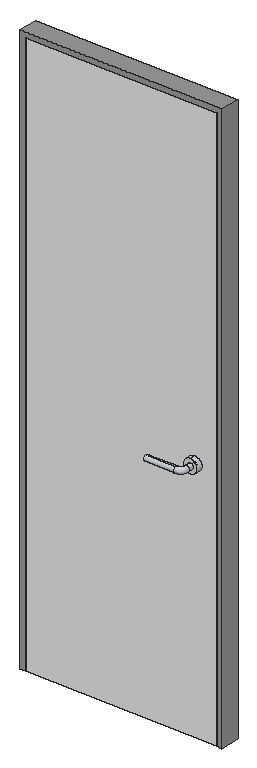
Revit family "- BordeRio", category Doors, host Wall, Revit 2018
Family settings
  Host = Wall
  OmniClass Number = 23.30.10.00
  OmniClass Title = Doors
  Always vertical = Yes
  Cut with Voids When Loaded = No
  Shared = No
  Room Calculation Point = No
Parameters (values of type "- 70 x 210 cm")
  Set de Marcos = ""
  Relleno = ""
  Material Marco = - Perfil Aluminio
  Material Hoja = - HDF Prefinish
  Manilla = - Manilla
  Hojas = "Simple de Abatir"
  Function = Interior
  Frame Projection Ext. = 2.50 cm
  Frame Projection Int. = 2.50 cm
  Frame Width = 7.50 cm
  Height = 210.00 cm
  Wall Closure = By host
  Width = 74.00 cm
  Distancia a Cara Interior = 6.00 cm
  Bisagras = ""
  Ancho Hoja = Width - 4.00 cm  # 70.00 cm
  Ancho = Width  # 74.00 cm
  Analytic Construction = "<None>"
  Alto = Height  # 210.00 cm
Types (12, lengths in cm): name | Material Hoja | Height | Width | Ancho Hoja | Ancho | Alto
  - 70 x 200 cm | none | 200.00 | 74.00 | 70.00 | 74.00 | 200.00
  - 75 x 200 cm | none | 200.00 | 79.00 | 75.00 | 79.00 | 200.00
  - 80 x 200 cm | none | 200.00 | 84.00 | 80.00 | 84.00 | 200.00
  - 85 x 200 cm | none | 200.00 | 89.00 | 85.00 | 89.00 | 200.00
  - 90 x 200 cm | none | 200.00 | 94.00 | 90.00 | 94.00 | 200.00
  -100 x 200 cm | none | 200.00 | 104.00 | 100.00 | 104.00 | 200.00
  - 70 x 210 cm | - HDF Prefinish | 210.00 | 74.00 | 70.00 | 74.00 | 210.00
  - 75 x 210 cm | none | 210.00 | 79.00 | 75.00 | 79.00 | 210.00
  - 80 x 210 cm | none | 210.00 | 84.00 | 80.00 | 84.00 | 210.00
  - 85 x 210 cm | none | 210.00 | 89.00 | 85.00 | 89.00 | 210.00
  - 90 x 210 cm | - HDF Prefinish | 210.00 | 94.00 | 90.00 | 94.00 | 210.00
  - 100 x 210 cm | - HDF Siena | 210.00 | 104.00 | 100.00 | 104.00 | 210.00
Reference planes (cm)
  plane 1: y = 0
  plane 2 "Center (Left/Right)": x = 0
  plane 3 "Left": x = -37
  plane 4 "Right": x = 37
  plane 5: z = 210
  plane 6 "Exterior": y = 7.5
  plane 7 "Interior": y = -7.5
  plane 8: y = -1.5
  plane 9: z = 208
  plane 10: x = -35
  plane 11: x = 35
Forms (cm)
  Sweep 1, solid, material "- Perfil Aluminio" <- "Material Marco"
    path origin (0, 7.5, 0) x (1, 0, 0) y (0, 0, 1)
      loop
        line (37, 0) -> (37, 210) -> (-37, 210) -> (-37, 0)
    profile origin (37, 7.5, 105) x (-1, 0, 0) y (0, -1, 0)
      loop
        line (0, 2) -> (3, 2) -> (3, 4.3) -> (2, 4.3) -> (2, 9) -> (0, 9) -> (0, 2)
  Extrusion 2, solid, material "- HDF Prefinish" <- "Material Hoja"
    sketch origin (0, 0, 0) x (1, 0, 0) y (0, 1, 0)
      loop
        line (-35, -1.5) -> (35, -1.5) -> (35, 3) -> (-35, 3) -> (-35, -1.5)
    from 0 to 208
  Sweep 3, solid, material "- Manilla" <- "Manilla", not visible
    path origin (5.8483, -7.5601, 0) x (1, 0, 0) y (0, 1, 0)
      loop
        line (22.1517, 15.0613) -> (32.1517, 15.0613)
        arc (32.1517, 15.0613) -> (33.5659, 14.4756) -> (34.1517, 13.0613) r 2
        line (34.1517, 13.0613) -> (34.1517, 11.0613)
    profile origin (33, 7.5012, 0) x (0, 1, 0) y (0, 0, 1)
      loop
        circle (0, 90) r 1
  Extrusion 4, solid, material "- Manilla" <- "Manilla", not visible
    sketch origin (0, 7.5, 0) x (1, 0, 0) y (0, 0, 1)
      loop
        circle (40, 90) r 2.5
    from 3.9988 to 5
Lines and regions (cm)
  Opening 1
    outline origin (-305, -7.5, 0) x (1, 0, 0) y (0, 0, 1)
      loop
        line (268, 0) -> (342, 0) -> (342, 210) -> (268, 210) -> (268, 0)
  symbolic lines, style "Elevation Swing"
    curve 1: line (37, -7.5, 105) -> (-37, -7.5, 210)
    curve 2: line (37, -7.5, 105) -> (-37, -7.5, 0)
    curve 7: arc (-30.5, -71.5, 0) -> (16.4246, -49.6941, 0) -> (35.2596, -1.5001, 0) r 69.4706
  symbolic lines
    curve 3: line (-35, -1.5, 0) -> (-35, -71.5, 0)
    curve 4: line (-30.5, -1.5, 0) -> (-35, -1.5, 0)
    curve 5: line (-30.5, -71.5, 0) -> (-30.5, -1.5, 0)
    curve 6: line (-35, -71.5, 0) -> (-30.5, -71.5, 0)
  model lines, not visible
    curve 8: line (-20, 3, 25) -> (20, 3, 25)
    curve 9: line (-20, 3, 65) -> (-20, 3, 25)
    curve 10: line (20, 3, 65) -> (8.6603, 3, 65)
    curve 11: line (20, 3, 25) -> (20, 3, 65)
    curve 12: line (-20, 3, 75) -> (-8.6603, 3, 75)
    curve 13: line (-20, 3, 75) -> (-20, 3, 169.9666)
    curve 14: line (20, 3, 75) -> (20, 3, 169.9666)
    curve 15: arc (-8.6603, 3, 65) -> (0, 3, 60) -> (8.6603, 3, 65) r 10
    curve 16: line (8.6603, 3, 75) -> (20, 3, 75)
    curve 17: line (-8.6603, 3, 65) -> (-20, 3, 65)
    curve 18: arc (8.6603, 3, 75) -> (0, 3, 80) -> (-8.6603, 3, 75) r 10
    curve 19: arc (14.9666, 3, 175) -> (0, 3, 183) -> (-14.9666, 3, 175) r 18
    curve 20: arc (-20, 3, 169.9666) -> (-16.4409, 3, 171.4409) -> (-14.9666, 3, 175) r 5.0334
    curve 21: arc (14.9666, 3, 175) -> (16.4409, 3, 171.4409) -> (20, 3, 169.9666) r 5.0334
    curve 22: line (-9.2195, 3, 64) -> (-19, 3, 64)
    curve 23: line (-19, 3, 64) -> (-19, 3, 26)
    curve 24: arc (9.2195, 3, 64) -> (0, 3, 59) -> (-9.2195, 3, 64) r 11
    curve 25: line (19, 3, 64) -> (9.2195, 3, 64)
    curve 26: line (19, 3, 26) -> (19, 3, 64)
    curve 27: line (-19, 3, 26) -> (19, 3, 26)
    curve 28: line (-18.9928, 3, 168.9932) -> (-18.9928, 3, 76)
    curve 29: arc (-13.9941, 3, 174.9045) -> (-15.4113, 3, 171.0338) -> (-18.9928, 3, 168.9932) r 5.9946
    curve 30: arc (13.9971, 3, 174.7848) -> (0.0327, 3, 182.1538) -> (-13.9941, 3, 174.9045) r 17.0542
    curve 31: arc (19, 3, 169.1276) -> (15.4988, 3, 171.072) -> (13.9971, 3, 174.7848) r 6.0089
    curve 32: line (19, 3, 76) -> (19, 3, 169.1276)
    curve 33: line (9.2195, 3, 76) -> (19, 3, 76)
    curve 34: arc (-9.2195, 3, 76) -> (0, 3, 81) -> (9.2195, 3, 76) r 11
    curve 35: line (-18.9928, 3, 76) -> (-9.2195, 3, 76)
    curve 36: arc (12.052, 3, 174.0667) -> (0.0498, 3, 180.1537) -> (-12.0243, 3, 174.2107) r 15.0542
    curve 37: arc (-12.0243, 3, 174.2107) -> (-13.561, 3, 170.1508) -> (-16.9928, 3, 167.4925) r 7.9946
    curve 38: line (-16.9928, 3, 167.4925) -> (-16.9928, 3, 78)
    curve 39: line (17, 3, 78) -> (17, 3, 167.6269)
    curve 40: arc (17, 3, 167.6269) -> (13.6492, 3, 170.1731) -> (12.052, 3, 174.0667) r 8.0089
    curve 41: line (-16.9928, 3, 78) -> (-10.247, 3, 78)
    curve 42: arc (-10.247, 3, 78) -> (0, 3, 83) -> (10.247, 3, 78) r 13
    curve 43: line (10.247, 3, 78) -> (17, 3, 78)
    curve 44: line (-10.247, 3, 62) -> (-17, 3, 62)
    curve 45: arc (10.247, 3, 62) -> (0, 3, 57) -> (-10.247, 3, 62) r 13
    curve 46: line (17, 3, 62) -> (10.247, 3, 62)
    curve 47: line (17, 3, 28) -> (17, 3, 62)
    curve 48: line (-17, 3, 28) -> (17, 3, 28)
    curve 49: line (-17, 3, 62) -> (-17, 3, 28)
    curve 50: line (-314, -1.5, 25) -> (-274, -1.5, 25)
    curve 51: line (-314, -1.5, 65) -> (-314, -1.5, 25)
    curve 52: line (-274, -1.5, 25) -> (-274, -1.5, 65)
    curve 53: line (-314, -1.5, 70) -> (-274, -1.5, 70)
    curve 54: line (-314, -1.5, 70) -> (-314, -1.5, 87)
    curve 55: line (-274, -1.5, 70) -> (-274, -1.5, 87)
    curve 56: line (-274, -1.5, 65) -> (-314, -1.5, 65)
    curve 57: line (-275, -1.5, 64) -> (-313, -1.5, 64)
    curve 58: line (-313, -1.5, 64) -> (-313, -1.5, 26)
    curve 59: line (-275, -1.5, 26) -> (-275, -1.5, 64)
    curve 60: line (-313, -1.5, 26) -> (-275, -1.5, 26)
    curve 61: line (-312.9928, -1.5, 86) -> (-312.9928, -1.5, 71)
    curve 62: line (-275, -1.5, 71) -> (-275, -1.5, 86)
    curve 63: line (-312.9928, -1.5, 71) -> (-275, -1.5, 71)
    curve 64: line (-310.9928, -1.5, 84) -> (-310.9928, -1.5, 73)
    curve 65: line (-277, -1.5, 73) -> (-277, -1.5, 84)
    curve 66: line (-310.9928, -1.5, 73) -> (-277, -1.5, 73)
    curve 67: line (-277, -1.5, 62) -> (-311, -1.5, 62)
    curve 68: line (-277, -1.5, 28) -> (-277, -1.5, 62)
    curve 69: line (-311, -1.5, 28) -> (-277, -1.5, 28)
    curve 70: line (-311, -1.5, 62) -> (-311, -1.5, 28)
    curve 71: line (-310.9928, -1.5, 84) -> (-277, -1.5, 84)
    curve 72: line (-314, -1.5, 87) -> (-274, -1.5, 87)
    curve 73: line (-312.9928, -1.5, 86) -> (-275, -1.5, 86)
    curve 74: line (-310.9928, -1.5, 84) -> (-277, -1.5, 84)
    curve 75: line (-314, -1.5, 97) -> (-274, -1.5, 97)
    curve 76: line (-314, -1.5, 185) -> (-314, -1.5, 97)
    curve 77: line (-274, -1.5, 97) -> (-274, -1.5, 185)
    curve 78: line (-274, -1.5, 185) -> (-314, -1.5, 185)
    curve 79: line (-275, -1.5, 184) -> (-313, -1.5, 184)
    curve 80: line (-313, -1.5, 184) -> (-313, -1.5, 98)
    curve 81: line (-275, -1.5, 98) -> (-275, -1.5, 184)
    curve 82: line (-313, -1.5, 98) -> (-275, -1.5, 98)
    curve 83: line (-277, -1.5, 182) -> (-311, -1.5, 182)
    curve 84: line (-277, -1.5, 100) -> (-277, -1.5, 182)
    curve 85: line (-311, -1.5, 100) -> (-277, -1.5, 100)
    curve 86: line (-311, -1.5, 182) -> (-311, -1.5, 100)
    curve 87: line (-320, 3, 25) -> (-280, 3, 25)
    curve 88: line (-320, 3, 65) -> (-320, 3, 25)
    curve 89: line (-280, 3, 25) -> (-280, 3, 65)
    curve 90: line (-320, 3, 72.5) -> (-280, 3, 72.5)
    curve 91: line (-280, 3, 65) -> (-320, 3, 65)
    curve 92: line (-281, 3, 64) -> (-319, 3, 64)
    curve 93: line (-319, 3, 64) -> (-319, 3, 26)
    curve 94: line (-281, 3, 26) -> (-281, 3, 64)
    curve 95: line (-319, 3, 26) -> (-281, 3, 26)
    curve 96: line (-319, 3, 73.5) -> (-281, 3, 73.5)
    curve 97: line (-317, 3, 75.5) -> (-283, 3, 75.5)
    curve 98: line (-283, 3, 62) -> (-317, 3, 62)
    curve 99: line (-283, 3, 28) -> (-283, 3, 62)
    curve 100: line (-317, 3, 28) -> (-283, 3, 28)
    curve 101: line (-317, 3, 62) -> (-317, 3, 28)
    curve 102: line (-320, 3, 179.3431) -> (-320, 3, 72.5)
    curve 103: line (-280, 3, 72.5) -> (-280, 3, 179.3431)
    curve 104: line (-319, 3, 178.3431) -> (-319, 3, 73.5)
    curve 105: line (-281, 3, 73.5) -> (-281, 3, 178.3431)
    curve 106: line (-283, 3, 75.5) -> (-283, 3, 176.3431)
    curve 107: line (-317, 3, 176.3431) -> (-317, 3, 75.5)
    curve 108: arc (-292, 3, 181) -> (-300, 3, 185) -> (-308, 3, 181) r 10
    curve 109: arc (-292, 3, 181) -> (-290.1648, 3, 179.7737) -> (-288, 3, 179.3431) r 5.6569
    curve 110: arc (-308, 3, 181) -> (-309.8352, 3, 179.7737) -> (-312, 3, 179.3431) r 5.6569
    curve 111: line (-288, 3, 179.3431) -> (-280, 3, 179.3431)
    curve 112: line (-312, 3, 179.3431) -> (-320, 3, 179.3431)
    curve 113: line (-281, 3, 178.3431) -> (-288, 3, 178.3431)
    curve 114: arc (-288, 3, 178.3431) -> (-290.5825, 3, 178.8645) -> (-292.7604, 3, 180.3468) r 6.6569
    curve 115: arc (-292.7604, 3, 180.3468) -> (-300, 3, 184) -> (-307.2396, 3, 180.3468) r 9
    curve 116: arc (-307.2396, 3, 180.3468) -> (-309.4175, 3, 178.8645) -> (-312, 3, 178.3431) r 6.6569
    curve 117: line (-312, 3, 178.3431) -> (-319, 3, 178.3431)
    curve 118: line (-283, 3, 176.3431) -> (-288, 3, 176.3431)
    curve 119: arc (-288, 3, 176.3431) -> (-291.43, 3, 177.0516) -> (-294.2985, 3, 179.0611) r 8.6569
    curve 120: arc (-294.2985, 3, 179.0611) -> (-300, 3, 182) -> (-305.7015, 3, 179.0611) r 7
    curve 121: arc (-305.7015, 3, 179.0611) -> (-308.57, 3, 177.0516) -> (-312, 3, 176.3431) r 8.6569
    curve 122: line (-312, 3, 176.3431) -> (-317, 3, 176.3431)
    curve 127: line (300, -1.5, 25) -> (344, -1.5, 25)
    curve 128: line (300, -1.5, 50) -> (300, -1.5, 25)
    curve 129: line (344, -1.5, 25) -> (344, -1.5, 50)
    curve 130: line (344, -1.5, 58.75) -> (300, -1.5, 58.75)
    curve 131: line (306, 3, 25) -> (346, 3, 25)
    curve 132: line (306, 3, 65) -> (306, 3, 25)
    curve 133: line (346, 3, 25) -> (346, 3, 65)
    curve 134: line (306, 3, 77.5) -> (346, 3, 77.5)
    curve 135: line (346, 3, 65) -> (306, 3, 65)
    curve 136: line (345, 3, 64) -> (307, 3, 64)
    curve 137: line (307, 3, 64) -> (307, 3, 26)
    curve 138: line (345, 3, 26) -> (345, 3, 64)
    curve 139: line (307, 3, 26) -> (345, 3, 26)
    curve 140: line (307, 3, 78.5) -> (345, 3, 78.5)
    curve 141: line (308.9998, 3, 80.5) -> (343.0011, 3, 80.5)
    curve 142: line (343, 3, 62) -> (309, 3, 62)
    curve 143: line (343, 3, 28) -> (343, 3, 62)
    curve 144: line (309, 3, 28) -> (343, 3, 28)
    curve 145: line (309, 3, 62) -> (309, 3, 28)
    curve 146: line (306, 3, 185) -> (306, 3, 77.5)
    curve 147: line (346, 3, 77.5) -> (346, 3, 185)
    curve 148: line (307, 3, 184) -> (307, 3, 78.5)
    curve 149: line (345, 3, 78.5) -> (345, 3, 184)
    curve 150: line (343.0011, 3, 80.5) -> (343.0011, 3, 182)
    curve 151: line (308.9998, 3, 182) -> (308.9998, 3, 80.5)
    curve 152: line (346, 3, 185) -> (306, 3, 185)
    curve 153: line (345, 3, 184) -> (307, 3, 184)
    curve 154: line (343.0011, 3, 182) -> (308.9998, 3, 182)
    curve 174: line (300, -1.5, 160) -> (344, -1.5, 160)
    curve 175: line (300, -1.5, 185) -> (300, -1.5, 160)
    curve 176: line (344, -1.5, 160) -> (344, -1.5, 185)
    curve 177: line (344, -1.5, 185) -> (300, -1.5, 185)
    curve 178: line (300, -1.5, 83.75) -> (300, -1.5, 58.75)
    curve 179: line (344, -1.5, 58.75) -> (344, -1.5, 83.75)
    curve 180: line (344, -1.5, 92.5) -> (300, -1.5, 92.5)
    curve 181: line (344, -1.5, 92.5) -> (300, -1.5, 92.5)
    curve 182: line (300, -1.5, 117.5) -> (300, -1.5, 92.5)
    curve 183: line (344, -1.5, 92.5) -> (344, -1.5, 117.5)
    curve 184: line (344, -1.5, 126.25) -> (300, -1.5, 126.25)
    curve 185: line (344, -1.5, 126.25) -> (300, -1.5, 126.25)
    curve 186: line (344, -1.5, 126.25) -> (300, -1.5, 126.25)
    curve 187: line (300, -1.5, 151.25) -> (300, -1.5, 126.25)
    curve 188: line (344, -1.5, 126.25) -> (344, -1.5, 151.25)
    curve 189: line (344, -1.5, 151.25) -> (300, -1.5, 151.25)
    curve 190: line (344, -1.5, 50) -> (300, -1.5, 50)
    curve 191: line (344, -1.5, 83.75) -> (300, -1.5, 83.75)
    curve 192: line (344, -1.5, 117.5) -> (300, -1.5, 117.5)
    curve 216: line (348, 3, 25) -> (392, 3, 25)
    curve 217: line (348, 3, 50) -> (348, 3, 25)
    curve 218: line (392, 3, 25) -> (392, 3, 50)
    curve 219: line (392, 3, 58.75) -> (348, 3, 58.75)
    curve 220: line (348, 3, 160) -> (392, 3, 160)
    curve 221: line (348, 3, 185) -> (348, 3, 160)
    curve 222: line (392, 3, 160) -> (392, 3, 185)
    curve 223: line (392, 3, 185) -> (348, 3, 185)
    curve 224: line (348, 3, 83.75) -> (348, 3, 58.75)
    curve 225: line (392, 3, 58.75) -> (392, 3, 83.75)
    curve 226: line (392, 3, 92.5) -> (348, 3, 92.5)
    curve 227: line (392, 3, 92.5) -> (348, 3, 92.5)
    curve 228: line (348, 3, 117.5) -> (348, 3, 92.5)
    curve 229: line (392, 3, 92.5) -> (392, 3, 117.5)
    curve 230: line (392, 3, 126.25) -> (348, 3, 126.25)
    curve 231: line (392, 3, 126.25) -> (348, 3, 126.25)
    curve 232: line (392, 3, 126.25) -> (348, 3, 126.25)
    curve 233: line (348, 3, 151.25) -> (348, 3, 126.25)
    curve 234: line (392, 3, 126.25) -> (392, 3, 151.25)
    curve 235: line (392, 3, 151.25) -> (348, 3, 151.25)
    curve 236: line (392, 3, 50) -> (348, 3, 50)
    curve 237: line (392, 3, 83.75) -> (348, 3, 83.75)
    curve 238: line (392, 3, 117.5) -> (348, 3, 117.5)
  model lines
    curve 123: line (-22, -1.5, 25) -> (22, -1.5, 25)
    curve 124: line (-22, -1.5, 50) -> (-22, -1.5, 25)
    curve 125: line (22, -1.5, 25) -> (22, -1.5, 50)
    curve 126: line (22, -1.5, 58.75) -> (-22, -1.5, 58.75)
    curve 155: line (-22, -1.5, 160) -> (22, -1.5, 160)
    curve 156: line (-22, -1.5, 185) -> (-22, -1.5, 160)
    curve 157: line (22, -1.5, 160) -> (22, -1.5, 185)
    curve 158: line (22, -1.5, 185) -> (-22, -1.5, 185)
    curve 159: line (-22, -1.5, 83.75) -> (-22, -1.5, 58.75)
    curve 160: line (22, -1.5, 58.75) -> (22, -1.5, 83.75)
    curve 161: line (22, -1.5, 92.5) -> (-22, -1.5, 92.5)
    curve 162: line (22, -1.5, 92.5) -> (-22, -1.5, 92.5)
    curve 163: line (-22, -1.5, 117.5) -> (-22, -1.5, 92.5)
    curve 164: line (22, -1.5, 92.5) -> (22, -1.5, 117.5)
    curve 165: line (22, -1.5, 126.25) -> (-22, -1.5, 126.25)
    curve 166: line (22, -1.5, 126.25) -> (-22, -1.5, 126.25)
    curve 167: line (22, -1.5, 126.25) -> (-22, -1.5, 126.25)
    curve 168: line (-22, -1.5, 151.25) -> (-22, -1.5, 126.25)
    curve 169: line (22, -1.5, 126.25) -> (22, -1.5, 151.25)
    curve 170: line (22, -1.5, 151.25) -> (-22, -1.5, 151.25)
    curve 171: line (22, -1.5, 50) -> (-22, -1.5, 50)
    curve 172: line (22, -1.5, 83.75) -> (-22, -1.5, 83.75)
    curve 173: line (22, -1.5, 117.5) -> (-22, -1.5, 117.5)
    curve 193: line (-22, 3, 25) -> (22, 3, 25)
    curve 194: line (-22, 3, 50) -> (-22, 3, 25)
    curve 195: line (22, 3, 25) -> (22, 3, 50)
    curve 196: line (22, 3, 58.75) -> (-22, 3, 58.75)
    curve 197: line (-22, 3, 160) -> (22, 3, 160)
    curve 198: line (-22, 3, 185) -> (-22, 3, 160)
    curve 199: line (22, 3, 160) -> (22, 3, 185)
    curve 200: line (22, 3, 185) -> (-22, 3, 185)
    curve 201: line (-22, 3, 83.75) -> (-22, 3, 58.75)
    curve 202: line (22, 3, 58.75) -> (22, 3, 83.75)
    curve 203: line (22, 3, 92.5) -> (-22, 3, 92.5)
    curve 204: line (22, 3, 92.5) -> (-22, 3, 92.5)
    curve 205: line (-22, 3, 117.5) -> (-22, 3, 92.5)
    curve 206: line (22, 3, 92.5) -> (22, 3, 117.5)
    curve 207: line (22, 3, 126.25) -> (-22, 3, 126.25)
    curve 208: line (22, 3, 126.25) -> (-22, 3, 126.25)
    curve 209: line (22, 3, 126.25) -> (-22, 3, 126.25)
    curve 210: line (-22, 3, 151.25) -> (-22, 3, 126.25)
    curve 211: line (22, 3, 126.25) -> (22, 3, 151.25)
    curve 212: line (22, 3, 151.25) -> (-22, 3, 151.25)
    curve 213: line (22, 3, 50) -> (-22, 3, 50)
    curve 214: line (22, 3, 83.75) -> (-22, 3, 83.75)
    curve 215: line (22, 3, 117.5) -> (-22, 3, 117.5)
Text (cm)
  text "Exterior" at (-229.5016, 109.9543, 0), in view "Ref. Level"
  text "Exterior" at (0, 161.538, 369.8081), in view "Left"
  text "Exterior" at (0, 103.6032, 387.4932), in view "Right"
Dimensions and locks (cm)
  equal spacing: plane 3 "Left", plane 2 "Center (Left/Right)", plane 4 "Right"
  "Width": plane 3 "Left" to plane 4 "Right"
  "Height": plane 5 to host wall
  equal spacing: host wall, curve 2, plane 5
  host wall to plane 5 = 210.00 cm
  locked: plane 6 "Exterior" to host wall at 0
  locked: plane 7 "Interior" to host wall
  "Distancia a Cara Interior": plane 7 "Interior" to plane 8
  locked: Sweep 1 sketch curve to Sweep 1 sketch curve at 7
  locked: plane 9 to plane 5 at 2
  locked: curve 3 to curve 5 at 4.5
  locked: plane 3 "Left" to plane 10 at 2
  locked: plane 11 to plane 4 "Right" at 2
  "Ancho Hoja": curve 6 to curve 4
  locked: Extrusion 2 sketch curve to Extrusion 2 sketch curve at 4.5
  locked: nested 1 to plane 4 "Right" at 10
  level to nested 1 = 90.00 cm
  locked: nested 2 to plane 4 "Right" at 10
  locked: nested 2 to level at 90
  locked: Sweep 1 sketch curve to Sweep 1 sketch curve at 2.3
  locked: curve 125 to plane 2 "Center (Left/Right)" at 22
  locked: curve 158 to Extrusion 2 at 185
  locked: plane 2 "Center (Left/Right)" to curve 194 at 22
  locked: Extrusion 2 to curve 200 at 185
  aligned and locked: plane 3 "Left" to Opening 1 sketch curve
  aligned and locked: plane 5 to Opening 1 sketch curve  (x2)
  aligned and locked: Opening 1 sketch curve to plane 4 "Right"
  aligned and locked: Opening 1 sketch curve to level
  aligned and locked: plane 5 to curve 1
  aligned and locked: plane 3 "Left" to curve 2
  aligned and locked: plane 1 to host wall
  aligned and locked: plane 3 "Left" to curve 1
  aligned and locked: plane 8 to Sweep 1 sketch curve
  aligned and locked: Extrusion 2 sketch curve to plane 8
  aligned and locked: Sweep 1 to level
  aligned and locked: plane 10 to curve 3
  aligned and locked: Sweep 3 to Extrusion 4
  aligned and locked: Extrusion 2 to plane 9
Automatic sketch dimensions
  plane 4 "Right" to curve 2 = 0.00 cm
  curve 2 to level = 0.00 cm
  plane 3 "Left" to Sweep 1 sketch curve = 0.00 cm
  plane 4 "Right" to Sweep 1 sketch curve = 0.00 cm
  Sweep 1 sketch curve to level = 0.00 cm  (x2)
  Sweep 1 sketch curve to plane 5 = 0.00 cm
  Sweep 1 sketch curve to profile plane = 0.00 cm
  Sweep 1 sketch curve to profile plane = 2.00 cm
  Sweep 1 sketch curve to Sweep 1 sketch curve = 1.00 cm
  curve 7 to plane 8 = 0.0001 cm
  curve 7 to plane 11 = 0.2596 cm
  curve 4 to plane 8 = 0.00 cm
  curve 7 to plane 10 = 0.7919 cm
  Sweep 3 sketch curve to Sweep 3 sketch curve = 10.00 cm
  Sweep 3 sketch curve to Sweep 3 sketch curve = 2.00 cm  (x2)
  Sweep 3 sketch curve to profile plane = 0.00 cm
  profile plane to Sweep 3 sketch curve = 90.00 cm
  Extrusion 2 sketch curve to plane 10 = 0.00 cm
  Extrusion 2 sketch curve to plane 11 = 0.00 cm
  curve 15 to curve 18 = 0.00 cm  (x4)
  curve 15 to curve 24 = 0.00 cm  (x4)
  curve 15 to curve 34 = 0.00 cm  (x4)
  curve 15 to curve 42 = 0.00 cm  (x4)
  curve 15 to curve 45 = 0.00 cm  (x4)
  curve 29 to curve 37 = 0.00 cm  (x4)
  curve 30 to curve 36 = 0.00 cm  (x4)
  curve 31 to curve 40 = 0.00 cm  (x4)
  curve 8 to curve 31 = 0.00 cm
  curve 21 to curve 31 = 0.00 cm
  curve 14 to curve 32 = 1.00 cm
  curve 10 to curve 26 = 1.00 cm
  curve 26 to curve 47 = 2.00 cm
  curve 32 to curve 39 = 2.00 cm
  curve 46 to curve 46 = 6.753 cm
  curve 39 to curve 43 = 6.753 cm
  curve 42 to curve 33 = 1.0274 cm
  curve 45 to curve 25 = 1.0274 cm
  curve 33 to curve 16 = 0.5593 cm
  curve 24 to curve 10 = 0.5593 cm
  curve 16 to curve 24 = 8.6603 cm
  curve 39 to curve 19 = 17.00 cm
  curve 19 to curve 36 = 0.0402 cm
  curve 15 to curve 12 = 8.6603 cm
  curve 15 to curve 17 = 8.6603 cm
  curve 15 to curve 22 = 0.5593 cm
  curve 12 to curve 35 = 0.5593 cm
  curve 22 to curve 44 = 1.0274 cm
  curve 34 to curve 41 = 1.0274 cm
  curve 41 to curve 38 = 6.7459 cm
  curve 47 to curve 48 = 34.00 cm
  curve 38 to curve 35 = 2.00 cm
  curve 44 to curve 22 = 2.00 cm
  curve 28 to curve 29 = 0.9959 cm
  curve 29 to curve 20 = 0.0113 cm
  curve 22 to curve 17 = 1.00 cm
  curve 8 to curve 26 = 1.00 cm
  curve 23 to curve 49 = 2.00 cm
  curve 48 to curve 49 = 34.00 cm
  curve 45 to curve 25 = 2.00 cm
  curve 25 to curve 10 = 1.00 cm
  curve 10 to curve 45 = 5.00 cm
  curve 10 to curve 16 = 10.00 cm
  curve 12 to curve 35 = 1.00 cm
  curve 34 to curve 41 = 2.00 cm
  curve 41 to curve 19 = 87.00 cm
  curve 19 to curve 30 = 0.0997 cm
  curve 36 to curve 38 = 2.3928 cm
  curve 19 to curve 39 = 2.6269 cm
  curve 37 to curve 28 = 1.5007 cm
  curve 39 to curve 32 = 1.5007 cm
  curve 28 to curve 13 = 0.9734 cm
  curve 31 to curve 14 = 0.839 cm
  curve 13 to curve 29 = 4.9378 cm
  curve 29 to curve 20 = 0.0955 cm
  curve 21 to curve 40 = 0.0527 cm
  curve 31 to curve 36 = 1.9451 cm
  curve 55 to curve 62 = 1.4142 cm
  curve 59 to curve 68 = 2.8284 cm
  curve 62 to curve 65 = 2.8284 cm
  curve 53 to curve 63 = 1.4142 cm
  curve 57 to curve 67 = 2.8284 cm
  curve 66 to curve 64 = 33.9928 cm
  curve 68 to curve 69 = 34.00 cm
  curve 64 to curve 63 = 2.8284 cm
  curve 67 to curve 57 = 2.8284 cm
  curve 57 to curve 56 = 1.4142 cm
  curve 50 to curve 59 = 1.4142 cm
  curve 58 to curve 70 = 2.8284 cm
  curve 69 to curve 70 = 34.00 cm  (x2)
  curve 53 to curve 63 = 1.4193 cm
  curve 65 to curve 62 = 2.8284 cm
  curve 61 to curve 54 = 1.4193 cm
  curve 18 to curve 24 = 0.00 cm  (x2)
  curve 18 to curve 34 = 0.00 cm  (x2)
  curve 18 to curve 42 = 0.00 cm  (x2)
  curve 18 to curve 45 = 0.00 cm  (x2)
  curve 24 to curve 34 = 0.00 cm  (x2)
  curve 24 to curve 42 = 0.00 cm  (x2)
  curve 24 to curve 45 = 0.00 cm  (x2)
  curve 34 to curve 42 = 0.00 cm  (x2)
  curve 34 to curve 45 = 0.00 cm  (x2)
  curve 42 to curve 45 = 0.00 cm  (x2)
  curve 72 to curve 51 = 0.00 cm
  curve 75 to curve 54 = 0.00 cm
  curve 76 to curve 79 = 1.00 cm
  curve 51 to curve 57 = 1.00 cm
  curve 53 to curve 63 = 1.0072 cm
  curve 79 to curve 86 = 2.00 cm
  curve 58 to curve 70 = 2.00 cm
  curve 61 to curve 66 = 2.00 cm
  curve 64 to curve 65 = 33.9928 cm
  curve 69 to curve 69 = 34.00 cm
  curve 85 to curve 65 = 0.00 cm
  curve 68 to curve 60 = 2.00 cm
  curve 65 to curve 63 = 2.00 cm
  curve 84 to curve 82 = 2.00 cm
  curve 62 to curve 55 = 1.00 cm
  curve 57 to curve 56 = 1.00 cm  (x2)
  curve 79 to curve 78 = 1.00 cm  (x2)
  curve 50 to curve 59 = 1.00 cm
  curve 59 to curve 68 = 2.00 cm
  curve 67 to curve 57 = 2.00 cm
  curve 52 to curve 53 = 5.00 cm
  curve 53 to curve 63 = 1.00 cm
  curve 62 to curve 66 = 2.00 cm
  curve 65 to curve 71 = 11.00 cm
  curve 65 to curve 62 = 2.00 cm
  curve 62 to curve 72 = 1.00 cm
  curve 55 to curve 75 = 10.00 cm
  curve 75 to curve 82 = 1.00 cm
  curve 81 to curve 84 = 2.00 cm
  curve 84 to curve 84 = 82.00 cm
  curve 83 to curve 79 = 2.00 cm
  curve 87 to curve 90 = 0.00 cm
  curve 103 to curve 105 = 1.00 cm
  curve 89 to curve 92 = 1.00 cm
  curve 105 to curve 106 = 2.00 cm
  curve 92 to curve 99 = 2.00 cm
  curve 98 to curve 98 = 34.00 cm
  curve 106 to curve 107 = 34.00 cm
  curve 97 to curve 96 = 2.00 cm
  curve 98 to curve 92 = 2.00 cm
  curve 96 to curve 102 = 1.00 cm
  curve 92 to curve 91 = 1.00 cm
  curve 87 to curve 94 = 1.00 cm
  curve 94 to curve 99 = 2.00 cm
  curve 100 to curve 101 = 34.00 cm
  curve 98 to curve 93 = 2.00 cm
  curve 92 to curve 89 = 1.00 cm
  curve 89 to curve 103 = 7.50 cm
  curve 90 to curve 105 = 1.00 cm
  curve 96 to curve 106 = 2.00 cm
  curve 97 to curve 107 = 100.8431 cm
  curve 106 to curve 107 = 0.00 cm
  curve 106 to curve 105 = 2.00 cm
  curve 105 to curve 103 = 1.00 cm
  curve 108 to curve 115 = 0.00 cm  (x4)
  curve 108 to curve 120 = 0.00 cm  (x4)
  curve 109 to curve 114 = 0.00 cm  (x3)
  curve 109 to curve 119 = 0.00 cm  (x4)
  curve 110 to curve 116 = 0.00 cm  (x3)
  curve 110 to curve 121 = 0.00 cm  (x3)
  curve 114 to curve 119 = 0.00 cm  (x3)
  curve 116 to curve 121 = 0.00 cm  (x4)
  curve 106 to curve 111 = 5.00 cm
  curve 118 to curve 115 = 12.00 cm
  curve 110 to curve 104 = 7.00 cm
  curve 115 to curve 106 = 1.3431 cm
  curve 122 to curve 117 = 2.00 cm
  curve 117 to curve 112 = 1.00 cm
  curve 110 to curve 121 = 5.6569 cm
  curve 111 to curve 109 = 5.6569 cm
  curve 109 to curve 109 = 4.00 cm
  curve 108 to curve 115 = 0.7604 cm
  curve 115 to curve 119 = 1.5381 cm
  curve 115 to curve 120 = 0.00 cm  (x2)
  curve 131 to curve 134 = 52.50 cm
  curve 147 to curve 149 = 1.4142 cm
  curve 133 to curve 136 = 1.4142 cm
  curve 149 to curve 150 = 2.8276 cm
  curve 136 to curve 143 = 2.8284 cm
  curve 142 to curve 142 = 34.00 cm  (x2)
  curve 150 to curve 151 = 34.0013 cm  (x3)
  curve 141 to curve 140 = 2.8283 cm
  curve 142 to curve 136 = 2.8284 cm
  curve 140 to curve 146 = 1.4142 cm
  curve 136 to curve 135 = 1.4142 cm
  curve 131 to curve 138 = 1.4142 cm  (x2)
  curve 138 to curve 143 = 2.8284 cm  (x2)
  curve 144 to curve 145 = 34.00 cm  (x3)
  curve 142 to curve 137 = 2.8284 cm  (x2)
  curve 136 to curve 133 = 1.4142 cm  (x2)
  curve 133 to curve 147 = 12.50 cm  (x3)
  curve 134 to curve 149 = 1.4142 cm
  curve 140 to curve 150 = 2.8276 cm
  curve 141 to curve 151 = 101.50 cm  (x2)
  curve 150 to curve 149 = 2.8276 cm  (x2)
  curve 151 to curve 148 = 2.8283 cm
  curve 149 to curve 147 = 1.4142 cm
  curve 148 to curve 146 = 1.4142 cm
  curve 146 to curve 132 = 120.00 cm
  curve 134 to curve 148 = 1.4142 cm
  curve 132 to curve 136 = 1.4142 cm
  curve 137 to curve 145 = 2.8284 cm
  curve 140 to curve 141 = 2.8283 cm
  curve 142 to curve 150 = 18.50 cm
  curve 143 to curve 139 = 2.8284 cm
  curve 140 to curve 147 = 1.4142 cm
  curve 138 to curve 131 = 1.4142 cm
  curve 134 to curve 140 = 1.4142 cm
  curve 140 to curve 151 = 2.8283 cm
  curve 131 to curve 134 = 0.00 cm
  curve 134 to curve 140 = 1.00 cm  (x2)
  curve 133 to curve 136 = 1.00 cm
  curve 149 to curve 150 = 1.9989 cm
  curve 136 to curve 143 = 2.00 cm
  curve 142 to curve 145 = 34.00 cm
  curve 151 to curve 148 = 1.9998 cm
  curve 142 to curve 136 = 2.00 cm
  curve 137 to curve 132 = 1.00 cm
  curve 140 to curve 134 = 1.00 cm
  curve 131 to curve 138 = 1.00 cm
  curve 138 to curve 143 = 2.00 cm
  curve 142 to curve 137 = 2.00 cm
  curve 136 to curve 135 = 1.00 cm
  curve 140 to curve 141 = 2.00 cm
  curve 151 to curve 148 = 2.00 cm
  curve 148 to curve 146 = 1.00 cm
  curve 126 to curve 124 = 0.00 cm
  curve 161 to curve 159 = 0.00 cm
  curve 158 to curve 168 = 0.00 cm
  curve 124 to curve 126 = 8.75 cm
  curve 159 to curve 162 = 8.75 cm
  curve 168 to curve 156 = 8.75 cm
  curve 170 to curve 163 = 0.00 cm
  curve 130 to curve 128 = 0.00 cm
  curve 180 to curve 178 = 0.00 cm
  curve 177 to curve 187 = 0.00 cm
  curve 128 to curve 130 = 8.75 cm
  curve 178 to curve 181 = 8.75 cm
  curve 187 to curve 175 = 8.75 cm
  curve 189 to curve 182 = 0.00 cm
  curve 196 to curve 194 = 8.75 cm
  curve 203 to curve 201 = 8.75 cm
  curve 200 to curve 210 = 33.75 cm
  curve 194 to curve 196 = 8.75 cm  (x2)
  curve 201 to curve 204 = 8.75 cm  (x2)
  curve 210 to curve 198 = 8.75 cm
  curve 212 to curve 205 = 33.75 cm
  curve 219 to curve 217 = 8.75 cm
  curve 226 to curve 224 = 8.75 cm
  curve 223 to curve 233 = 33.75 cm
  curve 217 to curve 219 = 8.75 cm  (x2)
  curve 224 to curve 227 = 8.75 cm  (x2)
  curve 233 to curve 221 = 8.75 cm
  curve 235 to curve 228 = 33.75 cm
  curve 193 to curve 196 = 0.00 cm
  curve 206 to curve 207 = 0.00 cm
  curve 211 to curve 200 = 0.00 cm
  curve 206 to curve 211 = 8.75 cm
  curve 210 to curve 197 = 8.75 cm
  curve 216 to curve 219 = 0.00 cm
  curve 229 to curve 230 = 0.00 cm
  curve 234 to curve 223 = 0.00 cm
  curve 229 to curve 234 = 8.75 cm
  curve 233 to curve 220 = 8.75 cm
  curve 210 to curve 200 = 0.00 cm
  curve 197 to curve 198 = 25.00 cm
  curve 197 to curve 197 = 44.00 cm
  curve 207 to curve 212 = 25.00 cm
  curve 201 to curve 204 = 0.00 cm
  curve 202 to curve 215 = 33.75 cm
  curve 212 to curve 205 = 44.00 cm
  curve 193 to curve 196 = 44.00 cm
  curve 196 to curve 214 = 25.00 cm
  curve 194 to curve 196 = 0.00 cm
  curve 193 to curve 194 = 25.00 cm
  curve 233 to curve 223 = 0.00 cm
  curve 220 to curve 221 = 25.00 cm
  curve 220 to curve 220 = 44.00 cm
  curve 230 to curve 235 = 25.00 cm
  curve 224 to curve 227 = 0.00 cm
  curve 225 to curve 238 = 33.75 cm
  curve 235 to curve 228 = 44.00 cm
  curve 216 to curve 219 = 44.00 cm
  curve 219 to curve 237 = 25.00 cm
  curve 217 to curve 219 = 0.00 cm
  curve 216 to curve 217 = 25.00 cm
  curve 158 to curve 169 = 0.00 cm
  curve 155 to curve 156 = 25.00 cm
  curve 156 to curve 158 = 44.00 cm
  curve 165 to curve 170 = 25.00 cm
  curve 172 to curve 162 = 0.00 cm
  curve 160 to curve 173 = 33.75 cm
  curve 164 to curve 169 = 8.75 cm
  curve 165 to curve 161 = 0.00 cm
  curve 126 to curve 172 = 25.00 cm
  curve 126 to curve 125 = 0.00 cm
  curve 123 to curve 124 = 25.00 cm
  curve 177 to curve 188 = 0.00 cm
  curve 174 to curve 175 = 25.00 cm
  curve 175 to curve 177 = 44.00 cm
  curve 184 to curve 189 = 25.00 cm
  curve 191 to curve 181 = 0.00 cm
  curve 179 to curve 192 = 33.75 cm
  curve 183 to curve 188 = 8.75 cm
  curve 184 to curve 180 = 0.00 cm
  curve 130 to curve 191 = 25.00 cm
  curve 130 to curve 129 = 0.00 cm
  curve 127 to curve 128 = 25.00 cm
  radius of Sweep 3 sketch curve = 1.00 cm
  radius of Extrusion 4 sketch curve = 2.50 cm
Nested families (cm)
  nested 1: "- Manilla Generica Puerta" at (27, 3, 90) x (0, 0, -1) z (0, 1, 0), type "- Manilla Generica Puerta"
  nested 2: "- Manilla Generica Puerta" at (27, -1.5, 90) x (0, 0, -1) z (0, -1, 0), type "- Manilla Generica Puerta"
Definition of nested family "- Manilla Generica Puerta"
  Parameters (values of type "- Manilla Generica Puerta")
    Manilla = none
    Default Elevation = 121.92 cm
  Reference planes (cm)
    plane 1 "Center (Front/Back)": y = 0
    plane 2: z = 0
    plane 3 "Center (Left/Right)": x = 0
    plane 4: z = 2
  Forms (cm)
    Extrusion 1, solid
      sketch origin (0, 0, 0) x (1, 0, 0) y (0, 1, 0)
        loop
          line (-121.92, 121.92) -> (-121.92, -121.92) -> (121.92, -121.92) -> (121.92, 121.92) -> (-121.92, 121.92)
      from 0 to -30.48
    Extrusion 2, solid, material <- "Manilla"
      sketch origin (0, 0, 0) x (1, 0, 0) y (0, 1, 0)
        loop
          circle (0, 0) r 2.5
      from 0 to 2
    Sweep 3, solid, material <- "Manilla"
      path origin (0, 0, 0) x (0, 1, 0) y (0, 0, 1)
        loop
          line (0, 2) -> (0, 4)
          arc (0, 4) -> (0.5858, 5.4142) -> (2, 6) r 2
          line (2, 6) -> (13, 6)
      profile origin (0, 0, 3) x (0, -1, 0) y (1, 0, 0)
        loop
          circle (0, 0) r 1
  Dimensions and locks (cm)
    locked: Extrusion 2 to Extrusion 2 at 2
    locked: plane 4 to level at 2
    aligned and locked: plane 2 to Extrusion 1
    aligned and locked: level to Extrusion 1
    aligned and locked: plane 4 to Sweep 3
